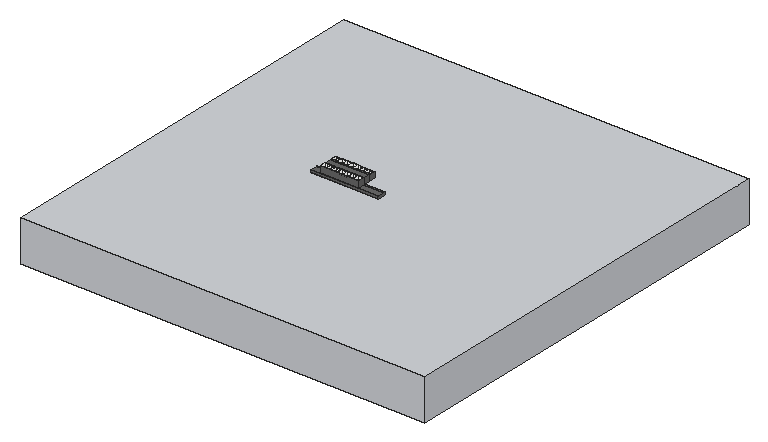
Revit family "Zumtobel SCENO 2x7", category Lighting Fixtures, host Face, Revit 2018
Family settings
  Host = Face
  Round Connector Dimension = Use Diameter
  Part Type = Normal
  OmniClass Number = 23.80.70.11
  OmniClass Title = Luminaries for Internal Lighting
  Cut with Voids When Loaded = No
  Light Source = Yes
  Shared = No
  Room Calculation Point = No
Parameters (values of type "SCENO 2X7 2000-930 SWI TEC VFL BK")
  Wattage Comments = ""
  Wattage = 12.791 W
  built-in parameter 1150110 = 1 (stored number, unit not read)
  Voltage = 230 V
  URL = "http://www.zumtobel.com/42949785"
  Type Comments = "© Zumtobel. We reserve the right to make technical changes without prior notice."  # constant formula
  built-in parameter 1114217 = 1 (stored number, unit not read)
  Tilt Angle = -90.00°
  built-in parameter 1150109 = 1 (stored number, unit not read)
  built-in parameter 1150134 = 3
  built-in parameter 1150113 = 1 (stored number, unit not read)
  Photometric Web File = "42949785_(WNG-Flügel_LEO1).IES"
  built-in parameter 1150105 = 151.2 (stored number, unit not read)
  Lumens = 1900 lm
  built-in parameter 1150115 = 1 (stored number, unit not read)
  built-in parameter 1150137 = (empty or 0)
  built-in parameter 1150139 = (empty or 0)
  Length = 286 mm  # constant formula
  built-in parameter 1150112 = 1 (stored number, unit not read)
  built-in parameter 1150114 = 1 (stored number, unit not read)
  built-in parameter 1150132 = 2
  built-in parameter 1150102 = (empty or 0)
  built-in parameter 1150107 = 3200 (stored number, unit not read)
  built-in parameter 1150138 = (empty or 0)
  built-in parameter 1150106 = 1.512 (stored number, unit not read)
  Height = 105 mm  # constant formula
  Emit from Rectangle Width = 143 mm
  Emit from Rectangle Length = 286 mm
  Emit Shape Visible in Rendering = no
  built-in parameter 1150104 = 13.8 (stored number, unit not read)
  Dimming Lamp Color Temperature Shift = <None>
  Depth = 143 mm  # constant formula
  Model = "42949785"
  Manufacturer = "Zumtobel Lighting"  # constant formula
  Lamp = ""
  Description = "LED Spot luminaire"  # constant formula
  Default Elevation = 0 mm
  Color Filter = 16777215
  Body = Zumtobel_Metal_Black
  built-in parameter 1114218 = 1 (stored number, unit not read)
  built-in parameter 1150133 = 10 (stored number, unit not read)
  Assembly Code = "D5020200"
  Apparent Load = 17.3 VA
Reference planes
  plane 1 "Center (Front/Back)": y = 0
  plane 2 "Bottom": z = 0
  plane 3 "Center (Left/Right)": x = -735.5
  plane 4 "Left": x = -984.5
  plane 5: z = 18.928
  plane 6 "Right": x = -486.5
  plane 7 "Top": z = 100.928
  plane 8: y = 0
Forms (mm)
  Extrusion 1, solid
    sketch origin (123, 0, 0) x (1, 0, 0) y (0, 1, 0)
      loop
        line (-2085.5, 1500) -> (-2085.5, -1500) -> (914.5, -1500) -> (914.5, 1500) -> (-2085.5, 1500)
    from 0 to -304.8
  Extrusion 2, solid, material "Zumtobel_Metal_Black" <- "Body"
    sketch origin (-735.5, 0, -57.072) x (0, -1, 0) y (0, 0, 1)
      loop
        line (-28, 74) -> (-30, 76) -> (-30, 62) -> (-24.468, 62) -> (-24.468, 50.994) -> (-21.81, 50.994) -> (-21.81, 57.072) -> (21.81, 57.072) -> (21.81, 50.994) -> (24.468, 50.994) -> (24.468, 62) -> (30, 62) -> (30, 76) -> (28, 74) -> (-28, 74)
    from -249 to 249
  Extrusion 3, solid, material "Zumtobel_Metal_Black" <- "Body"
    sketch origin (0, 0, 0) x (1, 0, 0) y (0, 1, 0)
      loop
        circle (-735.5, 0) r 16.5
    from 16.928 to 57.928
  Extrusion 4, solid, material "Zumtobel_Metal_Black" <- "Body"
    sketch origin (-735.5, 0, -57.072) x (0, -1, 0) y (0, 0, 1)
      loop
        line (-21.5, 158) -> (-21.5, 115) -> (21.5, 115) -> (21.5, 158) -> (-21.5, 158)
    from -143 to 143
  Extrusion 5, solid, material "Zumtobel_Metal_Black" <- "Body"
    sketch origin (-735.5, 0, -57.072) x (0, -1, 0) y (0, 0, 1)
      loop
        line (-71.5, 158) -> (-71.5, 115) -> (-28.5, 115) -> (-28.5, 158) -> (-71.5, 158)
      loop
        line (28.5, 158) -> (28.5, 115) -> (71.5, 115) -> (71.5, 158) -> (28.5, 158)
    from -143 to 143
  Blend 6, void
    base sketch origin (0, 0, 0) x (1, 0, 0) y (0, 1, 0)
      loop
        line (-624.857, -38) -> (-624.857, -62) -> (-601, -62) -> (-601, -38) -> (-624.857, -38)
    top sketch origin (0, 0, 0) x (1, 0, 0) y (0, 1, 0)
      loop
        line (-632.357, -30.5) -> (-632.357, -69.5) -> (-593.5, -69.5) -> (-593.5, -30.5) -> (-632.357, -30.5)
    from 85.928 to 100.928
  Extrusion 7, solid, material "Zumtobel_Metal_Black" <- "Body"
    sketch origin (0, 0, 0) x (1, 0, 0) y (0, 0, 1)
      loop
        line (-657.5, 71.817) -> (-657.5, 57.928) -> (-642.5, 57.928) -> (-642.5, 71.817) -> (-657.5, 71.817)
    from -50 to 50
  Extrusion 8, solid, material "Zumtobel_Metal_Black" <- "Body"
    sketch origin (-1471, 0, 0) x (-1, 0, 0) y (0, 0, -1)
      loop
        line (-657.5, -71.817) -> (-642.5, -71.817) -> (-642.5, -57.928) -> (-657.5, -57.928) -> (-657.5, -71.817)
    from -50 to 50
  Extrusion 9, void
    sketch origin (0, 0, 0) x (1, 0, 0) y (0, 1, 0)
      loop
        line (-812.5, 51) -> (-829.5, 51) -> (-829.5, -51) -> (-812.5, -51) -> (-812.5, 51)
      loop
        line (-658.5, 51) -> (-658.5, -51) -> (-641.5, -51) -> (-641.5, 51) -> (-658.5, 51)
    from 57.928 to 72.817
  Blend 10, void
    base sketch origin (-40.857, 0, 0) x (1, 0, 0) y (0, 1, 0)
      loop
        line (-624.857, -38) -> (-624.857, -62) -> (-601, -62) -> (-601, -38) -> (-624.857, -38)
    top sketch origin (-40.857, 0, 0) x (1, 0, 0) y (0, 1, 0)
      loop
        line (-632.357, -30.5) -> (-632.357, -69.5) -> (-593.5, -69.5) -> (-593.5, -30.5) -> (-632.357, -30.5)
    from 85.928 to 100.928
  Blend 11, void
    base sketch origin (-81.714, 0, 0) x (1, 0, 0) y (0, 1, 0)
      loop
        line (-624.857, -38) -> (-624.857, -62) -> (-601, -62) -> (-601, -38) -> (-624.857, -38)
    top sketch origin (-81.714, 0, 0) x (1, 0, 0) y (0, 1, 0)
      loop
        line (-632.357, -30.5) -> (-632.357, -69.5) -> (-593.5, -69.5) -> (-593.5, -30.5) -> (-632.357, -30.5)
    from 85.928 to 100.928
  Blend 12, void
    base sketch origin (-122.571, 0, 0) x (1, 0, 0) y (0, 1, 0)
      loop
        line (-624.857, -38) -> (-624.857, -62) -> (-601, -62) -> (-601, -38) -> (-624.857, -38)
    top sketch origin (-122.571, 0, 0) x (1, 0, 0) y (0, 1, 0)
      loop
        line (-632.357, -30.5) -> (-632.357, -69.5) -> (-593.5, -69.5) -> (-593.5, -30.5) -> (-632.357, -30.5)
    from 85.928 to 100.928
  Blend 13, void
    base sketch origin (-163.429, 0, 0) x (1, 0, 0) y (0, 1, 0)
      loop
        line (-624.857, -38) -> (-624.857, -62) -> (-601, -62) -> (-601, -38) -> (-624.857, -38)
    top sketch origin (-163.429, 0, 0) x (1, 0, 0) y (0, 1, 0)
      loop
        line (-632.357, -30.5) -> (-632.357, -69.5) -> (-593.5, -69.5) -> (-593.5, -30.5) -> (-632.357, -30.5)
    from 85.928 to 100.928
  Blend 14, void
    base sketch origin (-204.286, 0, 0) x (1, 0, 0) y (0, 1, 0)
      loop
        line (-624.857, -38) -> (-624.857, -62) -> (-601, -62) -> (-601, -38) -> (-624.857, -38)
    top sketch origin (-204.286, 0, 0) x (1, 0, 0) y (0, 1, 0)
      loop
        line (-632.357, -30.5) -> (-632.357, -69.5) -> (-593.5, -69.5) -> (-593.5, -30.5) -> (-632.357, -30.5)
    from 85.928 to 100.928
  Blend 15, void
    base sketch origin (-245.143, 0, 0) x (1, 0, 0) y (0, 1, 0)
      loop
        line (-624.857, -38) -> (-624.857, -62) -> (-601, -62) -> (-601, -38) -> (-624.857, -38)
    top sketch origin (-245.143, 0, 0) x (1, 0, 0) y (0, 1, 0)
      loop
        line (-632.357, -30.5) -> (-632.357, -69.5) -> (-593.5, -69.5) -> (-593.5, -30.5) -> (-632.357, -30.5)
    from 85.928 to 100.928
  Blend 16, void
    base sketch origin (0, 100, 0) x (1, 0, 0) y (0, 1, 0)
      loop
        line (-624.857, -38) -> (-624.857, -62) -> (-601, -62) -> (-601, -38) -> (-624.857, -38)
    top sketch origin (0, 100, 0) x (1, 0, 0) y (0, 1, 0)
      loop
        line (-632.357, -30.5) -> (-632.357, -69.5) -> (-593.5, -69.5) -> (-593.5, -30.5) -> (-632.357, -30.5)
    from 85.928 to 100.928
  Blend 17, void
    base sketch origin (-40.857, 100, 0) x (1, 0, 0) y (0, 1, 0)
      loop
        line (-624.857, -38) -> (-624.857, -62) -> (-601, -62) -> (-601, -38) -> (-624.857, -38)
    top sketch origin (-40.857, 100, 0) x (1, 0, 0) y (0, 1, 0)
      loop
        line (-632.357, -30.5) -> (-632.357, -69.5) -> (-593.5, -69.5) -> (-593.5, -30.5) -> (-632.357, -30.5)
    from 85.928 to 100.928
  Blend 18, void
    base sketch origin (-81.714, 100, 0) x (1, 0, 0) y (0, 1, 0)
      loop
        line (-624.857, -38) -> (-624.857, -62) -> (-601, -62) -> (-601, -38) -> (-624.857, -38)
    top sketch origin (-81.714, 100, 0) x (1, 0, 0) y (0, 1, 0)
      loop
        line (-632.357, -30.5) -> (-632.357, -69.5) -> (-593.5, -69.5) -> (-593.5, -30.5) -> (-632.357, -30.5)
    from 85.928 to 100.928
  Blend 19, void
    base sketch origin (-122.571, 100, 0) x (1, 0, 0) y (0, 1, 0)
      loop
        line (-624.857, -38) -> (-624.857, -62) -> (-601, -62) -> (-601, -38) -> (-624.857, -38)
    top sketch origin (-122.571, 100, 0) x (1, 0, 0) y (0, 1, 0)
      loop
        line (-632.357, -30.5) -> (-632.357, -69.5) -> (-593.5, -69.5) -> (-593.5, -30.5) -> (-632.357, -30.5)
    from 85.928 to 100.928
  Blend 20, void
    base sketch origin (-163.429, 100, 0) x (1, 0, 0) y (0, 1, 0)
      loop
        line (-624.857, -38) -> (-624.857, -62) -> (-601, -62) -> (-601, -38) -> (-624.857, -38)
    top sketch origin (-163.429, 100, 0) x (1, 0, 0) y (0, 1, 0)
      loop
        line (-632.357, -30.5) -> (-632.357, -69.5) -> (-593.5, -69.5) -> (-593.5, -30.5) -> (-632.357, -30.5)
    from 85.928 to 100.928
  Blend 21, void
    base sketch origin (-204.286, 100, 0) x (1, 0, 0) y (0, 1, 0)
      loop
        line (-624.857, -38) -> (-624.857, -62) -> (-601, -62) -> (-601, -38) -> (-624.857, -38)
    top sketch origin (-204.286, 100, 0) x (1, 0, 0) y (0, 1, 0)
      loop
        line (-632.357, -30.5) -> (-632.357, -69.5) -> (-593.5, -69.5) -> (-593.5, -30.5) -> (-632.357, -30.5)
    from 85.928 to 100.928
  Blend 22, void
    base sketch origin (-245.143, 100, 0) x (1, 0, 0) y (0, 1, 0)
      loop
        line (-624.857, -38) -> (-624.857, -62) -> (-601, -62) -> (-601, -38) -> (-624.857, -38)
    top sketch origin (-245.143, 100, 0) x (1, 0, 0) y (0, 1, 0)
      loop
        line (-632.357, -30.5) -> (-632.357, -69.5) -> (-593.5, -69.5) -> (-593.5, -30.5) -> (-632.357, -30.5)
    from 85.928 to 100.928
Cuts and joins
  Blend 6, Extrusion 9, Blend 10, Blend 11, Blend 12, Blend 13, Blend 14, Blend 15, Blend 16, Blend 17, Blend 18, Blend 19, Blend 20, Blend 21, Blend 22 cuts Extrusion 5
  joined: Extrusion 4, Extrusion 7, Extrusion 8
Lines and regions (mm)
  symbolic lines, not visible, detail levels coarse
    curve 1: line (-735.5, 80, 0) -> (-735.5, -80, 0)
    curve 2: line (-735.5, 80, 0) -> (-735.5, -80, 0)
Dimensions and locks
  equal spacing: plane 4 "Left", plane 3 "Center (Left/Right)", plane 6 "Right"
  plane 4 "Left" to plane 6 "Right" = 498 mm
  aligned and locked: plane 2 "Bottom" to Extrusion 1
  aligned and locked: level to Extrusion 1
  aligned and locked: plane 4 "Left" to Extrusion 2
  aligned and locked: plane 6 "Right" to Extrusion 2
  aligned and locked: plane 7 "Top" to imposter light
  aligned and locked: imposter light to plane 8
  aligned and locked: imposter light to plane 1 "Center (Front/Back)"
Automatic sketch dimensions
  curve 1 to plane 3 "Center (Left/Right)" = 0 mm
  curve 2 to plane 3 "Center (Left/Right)" = 0 mm
  curve 2 to curve 1 = 0 mm
  curve 2 to plane 1 "Center (Front/Back)" = 80 mm
  curve 1 to curve 2 = 0 mm
  Extrusion 1 sketch curve to Extrusion 1 sketch curve = 3000 mm  (x2)
  Extrusion 2 sketch curve to plane 5 = 0 mm  (x2)
  Extrusion 2 sketch curve to level = 0 mm
  Extrusion 2 sketch curve to plane 1 "Center (Front/Back)" = 30 mm
  Extrusion 2 sketch curve to plane 5 = 2 mm
  Extrusion 2 sketch curve to Extrusion 2 sketch curve = 2 mm
  Extrusion 2 sketch curve to level = 6.078 mm  (x2)
  Extrusion 2 sketch curve to Extrusion 2 sketch curve = 5.532 mm  (x2)
  Extrusion 2 sketch curve to Extrusion 2 sketch curve = 2.658 mm  (x2)
  plane 1 "Center (Front/Back)" to Extrusion 2 sketch curve = 21.81 mm
  Extrusion 2 sketch curve to Extrusion 2 sketch curve = 3.532 mm
  level to Extrusion 2 sketch curve = 4.928 mm  (x2)
  plane 1 "Center (Front/Back)" to Extrusion 3 sketch curve = 0 mm
  Extrusion 3 sketch curve to plane 3 "Center (Left/Right)" = 0 mm
  Extrusion 4 sketch curve to plane 1 "Center (Front/Back)" = 21.5 mm
  plane 1 "Center (Front/Back)" to Extrusion 4 sketch curve = 21.5 mm
  Extrusion 5 sketch curve to plane 1 "Center (Front/Back)" = 71.5 mm
  Extrusion 5 sketch curve to plane 1 "Center (Front/Back)" = 28.5 mm
  plane 1 "Center (Front/Back)" to Extrusion 5 sketch curve = 28.5 mm
  Blend 6 sketch curve to Blend 6 sketch curve = 24 mm
  plane 1 "Center (Front/Back)" to Blend 6 sketch curve = 30.5 mm
  Extrusion 7 sketch curve to Extrusion 7 sketch curve = 13.89 mm
  Extrusion 8 sketch curve to plane 3 "Center (Left/Right)" = 78 mm
  Extrusion 8 sketch curve to Extrusion 8 sketch curve = 15 mm
  Extrusion 8 sketch curve to Extrusion 8 sketch curve = 13.89 mm
  plane 3 "Center (Left/Right)" to Extrusion 9 sketch curve = 94 mm
  Extrusion 9 sketch curve to Extrusion 9 sketch curve = 17 mm  (x2)
  Extrusion 9 sketch curve to plane 1 "Center (Front/Back)" = 51 mm  (x2)
  Blend 10 sketch curve to Blend 10 sketch curve = 24 mm
  plane 1 "Center (Front/Back)" to Blend 10 sketch curve = 30.5 mm
  Blend 11 sketch curve to plane 3 "Center (Left/Right)" = 28.929 mm
  Blend 11 sketch curve to Blend 11 sketch curve = 23.857 mm
  Blend 11 sketch curve to Blend 11 sketch curve = 24 mm
  Blend 11 sketch curve to plane 3 "Center (Left/Right)" = 21.429 mm
  Blend 11 sketch curve to Blend 11 sketch curve = 38.857 mm
  plane 1 "Center (Front/Back)" to Blend 11 sketch curve = 30.5 mm
  plane 3 "Center (Left/Right)" to Blend 12 sketch curve = 11.929 mm
  Blend 12 sketch curve to plane 3 "Center (Left/Right)" = 11.929 mm
  Blend 12 sketch curve to Blend 12 sketch curve = 24 mm
  plane 3 "Center (Left/Right)" to Blend 12 sketch curve = 19.429 mm
  Blend 12 sketch curve to plane 3 "Center (Left/Right)" = 19.429 mm
  plane 1 "Center (Front/Back)" to Blend 12 sketch curve = 30.5 mm
  plane 3 "Center (Left/Right)" to Blend 13 sketch curve = 52.786 mm
  Blend 13 sketch curve to Blend 13 sketch curve = 23.857 mm
  Blend 13 sketch curve to Blend 13 sketch curve = 24 mm
  plane 3 "Center (Left/Right)" to Blend 13 sketch curve = 60.286 mm
  plane 3 "Center (Left/Right)" to Blend 13 sketch curve = 21.429 mm
  plane 1 "Center (Front/Back)" to Blend 13 sketch curve = 30.5 mm
  plane 3 "Center (Left/Right)" to Blend 14 sketch curve = 93.643 mm
  Blend 14 sketch curve to Blend 14 sketch curve = 23.857 mm
  Blend 14 sketch curve to Blend 14 sketch curve = 24 mm
  plane 3 "Center (Left/Right)" to Blend 14 sketch curve = 101.143 mm
  Blend 14 sketch curve to Blend 14 sketch curve = 38.857 mm
  plane 1 "Center (Front/Back)" to Blend 14 sketch curve = 30.5 mm
  Blend 15 sketch curve to plane 4 "Left" = 114.5 mm
  Blend 15 sketch curve to Blend 15 sketch curve = 23.857 mm
  Blend 15 sketch curve to Blend 15 sketch curve = 24 mm
  Blend 15 sketch curve to plane 4 "Left" = 107 mm
  Blend 15 sketch curve to Blend 15 sketch curve = 38.857 mm
  plane 1 "Center (Front/Back)" to Blend 15 sketch curve = 30.5 mm
  Blend 16 sketch curve to plane 1 "Center (Front/Back)" = 38 mm
  Blend 16 sketch curve to Blend 16 sketch curve = 24 mm
  Blend 16 sketch curve to plane 1 "Center (Front/Back)" = 30.5 mm
  Blend 16 sketch curve to Blend 16 sketch curve = 39 mm
  Blend 17 sketch curve to plane 1 "Center (Front/Back)" = 38 mm
  Blend 17 sketch curve to Blend 17 sketch curve = 24 mm
  Blend 17 sketch curve to plane 1 "Center (Front/Back)" = 30.5 mm
  Blend 17 sketch curve to Blend 17 sketch curve = 39 mm
  Blend 18 sketch curve to plane 3 "Center (Left/Right)" = 28.929 mm
  Blend 18 sketch curve to Blend 18 sketch curve = 23.857 mm
  Blend 18 sketch curve to plane 1 "Center (Front/Back)" = 38 mm
  Blend 18 sketch curve to Blend 18 sketch curve = 24 mm
  Blend 18 sketch curve to plane 3 "Center (Left/Right)" = 21.429 mm
  Blend 18 sketch curve to Blend 18 sketch curve = 38.857 mm
  Blend 18 sketch curve to plane 1 "Center (Front/Back)" = 30.5 mm
  Blend 18 sketch curve to Blend 18 sketch curve = 39 mm
  plane 3 "Center (Left/Right)" to Blend 19 sketch curve = 11.929 mm
  Blend 19 sketch curve to plane 3 "Center (Left/Right)" = 11.929 mm
  Blend 19 sketch curve to plane 1 "Center (Front/Back)" = 38 mm
  Blend 19 sketch curve to Blend 19 sketch curve = 24 mm
  plane 3 "Center (Left/Right)" to Blend 19 sketch curve = 19.429 mm
  Blend 19 sketch curve to plane 3 "Center (Left/Right)" = 19.429 mm
  Blend 19 sketch curve to plane 1 "Center (Front/Back)" = 30.5 mm
  Blend 19 sketch curve to Blend 19 sketch curve = 39 mm
  plane 3 "Center (Left/Right)" to Blend 20 sketch curve = 52.786 mm
  Blend 20 sketch curve to Blend 20 sketch curve = 23.857 mm
  Blend 20 sketch curve to plane 1 "Center (Front/Back)" = 38 mm
  Blend 20 sketch curve to Blend 20 sketch curve = 24 mm
  plane 3 "Center (Left/Right)" to Blend 20 sketch curve = 60.286 mm
  plane 3 "Center (Left/Right)" to Blend 20 sketch curve = 21.429 mm
  Blend 20 sketch curve to plane 1 "Center (Front/Back)" = 30.5 mm
  Blend 20 sketch curve to Blend 20 sketch curve = 39 mm
  Blend 21 sketch curve to plane 1 "Center (Front/Back)" = 38 mm
  plane 3 "Center (Left/Right)" to Blend 21 sketch curve = 93.643 mm
  Blend 21 sketch curve to Blend 21 sketch curve = 23.857 mm
  Blend 21 sketch curve to Blend 21 sketch curve = 24 mm
  Blend 21 sketch curve to plane 1 "Center (Front/Back)" = 30.5 mm
  plane 3 "Center (Left/Right)" to Blend 21 sketch curve = 101.143 mm
  Blend 21 sketch curve to Blend 21 sketch curve = 38.857 mm
  Blend 21 sketch curve to Blend 21 sketch curve = 39 mm
  Blend 22 sketch curve to plane 1 "Center (Front/Back)" = 38 mm
  Blend 22 sketch curve to plane 4 "Left" = 114.5 mm
  Blend 22 sketch curve to Blend 22 sketch curve = 23.857 mm
  Blend 22 sketch curve to Blend 22 sketch curve = 24 mm
  Blend 22 sketch curve to plane 1 "Center (Front/Back)" = 30.5 mm
  Blend 22 sketch curve to plane 4 "Left" = 107 mm
  Blend 22 sketch curve to Blend 22 sketch curve = 38.857 mm
  Blend 22 sketch curve to Blend 22 sketch curve = 39 mm
  plane 1 "Center (Front/Back)" to curve 2 = 80 mm
  Extrusion 5 sketch curve to Extrusion 5 sketch curve = 43 mm  (x3)
  plane 1 "Center (Front/Back)" to Blend 6 sketch curve = 62 mm
  Blend 6 sketch curve to Blend 6 sketch curve = 39 mm
  plane 1 "Center (Front/Back)" to Extrusion 9 sketch curve = 51 mm  (x2)
  plane 1 "Center (Front/Back)" to Blend 10 sketch curve = 62 mm
  Blend 10 sketch curve to Blend 10 sketch curve = 39 mm
  plane 1 "Center (Front/Back)" to Blend 11 sketch curve = 62 mm
  Blend 11 sketch curve to Blend 11 sketch curve = 39 mm
  plane 1 "Center (Front/Back)" to Blend 12 sketch curve = 62 mm
  Blend 12 sketch curve to Blend 12 sketch curve = 39 mm
  plane 1 "Center (Front/Back)" to Blend 13 sketch curve = 62 mm
  Blend 13 sketch curve to Blend 13 sketch curve = 39 mm
  plane 1 "Center (Front/Back)" to Blend 14 sketch curve = 62 mm
  Blend 14 sketch curve to Blend 14 sketch curve = 39 mm
  plane 1 "Center (Front/Back)" to Blend 15 sketch curve = 62 mm
  Blend 15 sketch curve to Blend 15 sketch curve = 39 mm
  Blend 6 sketch curve to Blend 6 sketch curve = 23.857 mm
  Blend 6 sketch curve to Blend 6 sketch curve = 38.857 mm
  Blend 16 sketch curve to Blend 16 sketch curve = 23.857 mm
  Blend 16 sketch curve to Blend 16 sketch curve = 38.857 mm
  Blend 6 sketch curve to plane 3 "Center (Left/Right)" = 110.643 mm
  Blend 6 sketch curve to plane 3 "Center (Left/Right)" = 103.143 mm
  Extrusion 7 sketch curve to plane 3 "Center (Left/Right)" = 78 mm
  Extrusion 7 sketch curve to Extrusion 7 sketch curve = 15 mm
  Extrusion 9 sketch curve to plane 3 "Center (Left/Right)" = 77 mm
  Blend 10 sketch curve to plane 3 "Center (Left/Right)" = 69.786 mm
  Blend 10 sketch curve to Blend 10 sketch curve = 23.857 mm
  Blend 10 sketch curve to plane 3 "Center (Left/Right)" = 62.286 mm
  Blend 10 sketch curve to Blend 10 sketch curve = 38.857 mm
  Blend 16 sketch curve to plane 3 "Center (Left/Right)" = 110.643 mm
  Blend 16 sketch curve to plane 3 "Center (Left/Right)" = 103.143 mm
  Blend 17 sketch curve to plane 3 "Center (Left/Right)" = 69.786 mm
  Blend 17 sketch curve to Blend 17 sketch curve = 23.857 mm
  Blend 17 sketch curve to plane 3 "Center (Left/Right)" = 62.286 mm
  Blend 17 sketch curve to Blend 17 sketch curve = 38.857 mm
  plane 5 to Extrusion 4 sketch curve = 39 mm
  Extrusion 4 sketch curve to Extrusion 4 sketch curve = 43 mm
  plane 5 to Extrusion 5 sketch curve = 39 mm  (x2)
  plane 5 to Extrusion 7 sketch curve = 39 mm
  Extrusion 8 sketch curve to plane 5 = 39 mm
  radius of Extrusion 3 sketch curve = 16.5 mm
Connectors
  electrical at (-735.5, 0, 0), driven by "Voltage", driven by "Apparent Load"
    settings: on Extrusion 2, index 1, voltage 230 V, apparent load 0 VA, apparent load phase1 17.3 VA, apparent load phase2 0 VA, apparent load phase3 0 VA, power factor 1, load classification "Lighting", number of poles 1, system type 31, power factor state 1, is connector primary yes, connector utility no, sub classification motor no, connector description "Power"
